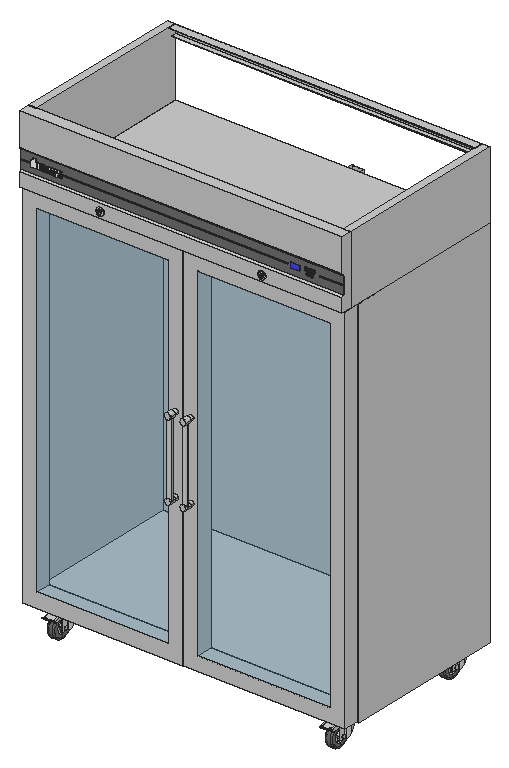
Revit family "QF_INOMAK_CEP2144_GL_250530033930", category Specialty Equipment, Revit 2021
Family settings
  Round Connector Dimension = Use Diameter
  Part Type = Normal
  OmniClass Number = 23.40.40.14
  OmniClass Title = Food Service Equipment
  Work Plane-Based = No
  Always vertical = Yes
  Cut with Voids When Loaded = No
  Shared = No
  Room Calculation Point = No
Parameters (values of type "CEP2144-GL")
  Weight [instance] = 237.00 kg
  Warranty Start Date [instance] = ""
  Warranty Duration [instance] = ""
  Volts [instance] = 230 V
  Volt Free Conn [instance] = no
  URL Recommended Spares List [instance] = ""
  URL Manufacturer [instance] = ""
  URL Cutsheet [instance] = ""
  URL Critical Spares List [instance] = ""
  URL = "www.inomak.com"
  Technical Documentation [instance] = ""
  Tag Number [instance] = ""
  Status [instance] = ""
  Start Up Current [instance] = 0 A
  Specification by User [instance] = ""
  Specification by Manufacturer [instance] = ""
  Sound Level [instance] = ""
  Show Logo [instance] = yes
  Show Clearances [instance] = yes
  Service Life Duration [instance] = ""
  Serial Number [instance] = ""
  Seismic Rating [instance] = ""
  SMACNA No [instance] = ""
  Revision Code [instance] = ""
  Revision [instance] = ""
  Production Year [instance] = ""
  Potential Equalisation [instance] = no
  Point Load [instance] = 0
  Phase [instance] = 1
  Other Equipment Approvals [instance] = ""
  Operational Current [instance] = 0 A
  Number of Poles [instance] = 2
  No Load Power Draw [instance] = no
  NAFEM Spec ID Number [instance] = ""
  Model Warning [instance] = ""
  Model = "CEP2144/GL"
  Min Ckt Ampacity [instance] = 0 A
  Max Overcurrent Protection [instance] = 10 A
  Masterspec [instance] = ""
  Manufacturer = "INOMAK"
  Main switch integrated [instance] = no
  Length Actual [instance] = 1440 mm
  Item Number [instance] = ""
  Installed By [instance] = ""
  Installation Date [instance] = ""
  Identify Quantity as Lot [instance] = no
  ID [instance] = ""
  Hygiene Approval [instance] = ""
  Height Actual [instance] = 2100 mm
  HP power [instance] = ""
  Furnished By [instance] = ""
  Foodservice Equipment Identifier [instance] = no
  FL Amps [instance] = 5.6 A
  Electrical Remarks [instance] = ""
  Electric power [instance] = 790 W
  Electric Connection Type [instance] = ""
  Elec Conn RI Height [instance] = 0 mm
  Elec Conn Connection Height [instance] = 0 mm
  ETL Approved [instance] = no
  Description = "PRUNUS CHILLER CABINET WITH 2 GN 2/1 GLASS DOORS"
  Depth Actual [instance] = 860 mm
  Default Elevation = 0 mm
  Cycle [instance] = 50 Hz
  Cost = 0
  Connection to energy optimisation system [instance] = yes
  Conn Plug [instance] = ""
  Conn Conduit [instance] = no
  Centralized building control system with digital interface [instance] = ""
  CSI MasterFormat [instance] = ""
  CE Approved [instance] = no
  Barcode [instance] = 0
  Author [instance] = ""
  Asset Identifier [instance] = ""
  Apparent Power [instance] = 790 VA
  Accessory [instance] = no
Reference planes
  plane 1 "Center (Front/Back)": y = 0
  plane 2: z = 0
  plane 3 "Center (Left/Right)": x = 0
Forms (mm)
  Extrusion 1, solid, not visible
    sketch origin (1210.059, -2, 1930.094) x (1, 0, 0) y (0, 1, 0)
      loop
        line (-2, 2) -> (-2, -2) -> (2, -2) -> (2, 2) -> (-2, 2)
    from -2 to 2
Dimensions and locks
  locked: Extrusion 1 to nested 2
  locked: nested 2 to Extrusion 1 at 2
  aligned and locked: level to plane 2
Nested families
  nested 1: "QF_INOMAK_REF_CABINETS_2144_GL_2920" at (0, 0, 130), type "CEP2144-GL"
    with Weight 237.00 kg, Warranty Start Date "", Warranty Duration "", URL Cutsheet "", Technical Documentation "", Tag Number "", Status "", Specification by User "", Specification by Manufacturer "", Sound Level "", Solid Fuel Type "", Show Clearances yes, Show Clearance yes, Service Life Duration "", Serial Number "", Seismic Rating "", SMACNA No "", Revision Code "", Revision "", Production Year "", Point Load 0, Other Equipment Approvals "", NAFEM Spec ID Number "", Model Warning "", Masterspec "", Length Actual 1440 mm, Item Number "", Installed By "", Installation Date "", Identify Quantity as Lot yes, ID "", Hygiene Approval "", Height Actual 2100 mm, Furnished By "", Foodservice Equipment Identifier yes, Finish none, ETL Approved yes, Depth Actual 860 mm, CSI MasterFormat "", CE Approved yes, Barcode "", Author "", Asset Identifier "", Accessory no
  nested 2: "CONN_POINT_ELE_2D___Generic_Annotation" at (1210.059, 0, 1930.094), type "CONN_POINT_ELE_2D___Generic_Annotation"
    with Onboard connection annotation symbol visibility yes
  nested 3: "QF_INOMAK_CASTORS_4775" at (0, 0, 0), type "CT-1440-830"
    with Weight 0.00 kg, Warranty Start Date "", Warranty Duration "", URL Cutsheet "", Technical Documentation "", Tag Number "", Status "", Specification by User "", Specification by Manufacturer "", Sound Level "", Solid Fuel Type "", Show Logo yes, Show Clearances yes, Service Life Duration "", Serial Number "", Seismic Rating "", SMACNA No "", Revision Code "", Revision "", Production Year "", Point Load 0, Other Equipment Approvals "", NAFEM Spec ID Number "", Model Warning "", Masterspec "", Length Actual 1440 mm, Item Number "", Installed By "", Installation Date "", Identify Quantity as Lot yes, ID "", Hygiene Approval "", Height Actual 130 mm, Furnished By "", Foodservice Equipment Identifier yes, ETL Approved yes, Depth Actual 830 mm, CSI MasterFormat "", CE Approved yes, Barcode "", Author "", Asset Identifier "", Accessory yes
Connectors
  electrical at (1210.059, 0, 1930.094), driven by "Apparent Power", driven by "Number of Poles", driven by "Volts"
    settings: on Extrusion 1, index 1, voltage 230 V, apparent load 0 VA, apparent load phase1 790 VA, apparent load phase2 0 VA, apparent load phase3 0 VA, power factor 1, load classification "Other", number of poles 2, system type 31, power factor state 1, is connector primary yes, connector utility no, sub classification motor no, connector description "Electrical connection for CEP2144/GL"
Definition of nested family "QF_INOMAK_REF_CABINETS_2144_GL_2920"
  Parameters (values of type "CFP2144-SL-GL")
    Weight [instance] = 0.00 kg
    Warranty Start Date [instance] = ""
    Warranty Duration [instance] = ""
    URL Cutsheet [instance] = ""
    URL = "www.inomak.com"
    Technical Documentation [instance] = ""
    Tag Number [instance] = ""
    Status [instance] = ""
    Specification by User [instance] = ""
    Specification by Manufacturer [instance] = ""
    Sound Level [instance] = ""
    Solid Fuel Type [instance] = ""
    Show Logo = yes
    Show Clearances [instance] = yes
    Show Clearance [instance] = yes
    Service Life Duration [instance] = ""
    Serial Number [instance] = ""
    Seismic Rating [instance] = ""
    SMACNA No [instance] = ""
    Revision Code [instance] = ""
    Revision [instance] = ""
    Production Year [instance] = ""
    Point Load [instance] = 0
    Other Equipment Approvals [instance] = ""
    NAFEM Spec ID Number [instance] = ""
    Model Warning [instance] = ""
    Model = "CFP2144/SL/GL"
    Masterspec [instance] = ""
    Manufacturer = "INOMAK"
    Length Actual [instance] = 0 mm
    Length = 720 mm
    Item Number [instance] = ""
    Installed By [instance] = ""
    Installation Date [instance] = ""
    Identify Quantity as Lot [instance] = yes
    ID [instance] = ""
    Hygiene Approval [instance] = ""
    Height Actual [instance] = 0 mm
    Height = 1985 mm
    Furnished By [instance] = ""
    Foodservice Equipment Identifier [instance] = yes
    Finish [instance] = none
    ETL Approved [instance] = yes
    Description = "PRUNUS FREEZER CABINET WITH 2 GLASS DOORS, COMPACT DIMENSIONS"
    Depth Actual [instance] = 0 mm
    Depth = 724 mm
    Default Elevation = 0 mm
    CSI MasterFormat [instance] = ""
    CE Approved [instance] = yes
    Barcode [instance] = ""
    Author [instance] = ""
    Asset Identifier [instance] = ""
    Assembly Code = "E1090320"
    Accessory [instance] = yes
  Types (4, lengths in mm): name | Model | Description | Depth
    CEP2144-GL | "CEP2144/GL" | "PRUNUS CHILLER CABINET WITH 2 GN 2/1 GLASS DOORS" | 824
    CFP2144-GL | "CFP2144/GL" | "PRUNUS FREEZER CABINET WITH 2 GN 2/1 GLASS DOORS" | 824
    CEP2144-SL-GL | "CEP2144/SL/GL" | "PRUNUS CHILLER CABINET WITH 2 GLASS DOORS, COMPACT DIMENSIONS" | 724
    CFP2144-SL-GL | "CFP2144/SL/GL" | "PRUNUS FREEZER CABINET WITH 2 GLASS DOORS, COMPACT DIMENSIONS" | 724
  Reference planes
    plane 1 "Back": y = 0
    plane 2: z = 0
    plane 3 "Left": x = 0
    plane 4 "Right": x = 1440
    plane 5 "Front": y = -724
    plane 6 "Top": z = 1985
  Forms (mm)
    Extrusion 1, solid
      sketch origin (-1732.685, -724, 3995) x (-1, 0, 0) y (0, 0, 1)
        loop
          circle (-3004.815, -2199.02) r 6.965
        loop
          circle (-3021.846, -2199.02) r 6.965
        loop
          circle (-3038.855, -2199.02) r 6.965
        loop
          circle (-3013.341, -2217.021) r 6.965
        loop
          circle (-3030.35, -2217.021) r 6.965
        loop
          circle (-3004.815, -2199.02) r 3.965
        loop
          circle (-3021.846, -2199.02) r 3.965
        loop
          circle (-3038.855, -2199.02) r 3.965
        loop
          circle (-3013.341, -2217.021) r 3.965
        loop
          circle (-3030.35, -2217.021) r 3.965
      from 7.3 to 10.302
    Extrusion 2, solid
      sketch origin (-1732.685, -724, 3995) x (-1, 0, 0) y (0, 0, 1)
        loop
          line (-2977.026, -2195.289) -> (-2977.026, -2218.289) -> (-2937.026, -2218.289) -> (-2937.026, -2195.289) -> (-2977.026, -2195.289)
      from 7.3 to 10.302
    Extrusion 3, solid
      sketch origin (-1732.685, -724, 3995) x (-1, 0, 0) y (0, 0, 1)
        loop
          line (-1732.685, -2167.27) -> (-3172.685, -2167.27) -> (-3172.685, -2246.309) -> (-1732.685, -2246.309) -> (-1732.685, -2167.27)
      from 7.8 to 10.302
    Extrusion 4, solid, visible <- "Show Logo"
      sketch origin (-1732.685, -724, 3995) x (-1, 0, 0) y (0, 0, 1)
        loop
          line (-1776.745, -2194.74) -> (-1782.745, -2194.74) -> (-1782.745, -2183.633) -> (-1796.982, -2183.633) -> (-1796.982, -2194.74) -> (-1802.982, -2194.74) -> (-1802.982, -2220.99) -> (-1776.745, -2220.99) -> (-1776.745, -2194.74)
        loop
          line (-1807.298, -2195.052) -> (-1814.587, -2195.052) -> (-1814.587, -2220.99) -> (-1807.298, -2220.99) -> (-1807.298, -2195.052)
        loop
          line (-1817.107, -2220.99) -> (-1817.107, -2195.052) -> (-1823.94, -2195.052) -> (-1827.134, -2206.971) -> (-1827.134, -2195.052) -> (-1833.666, -2195.052) -> (-1833.666, -2220.99) -> (-1827.134, -2220.99) -> (-1823.42, -2207.127) -> (-1823.42, -2220.99) -> (-1817.107, -2220.99)
        loop
          line (-1854.348, -2220.99) -> (-1854.348, -2195.052) -> (-1863.311, -2195.052) -> (-1865.673, -2209.062) -> (-1868.035, -2195.052) -> (-1876.997, -2195.052) -> (-1876.997, -2220.99) -> (-1870.372, -2220.99) -> (-1870.372, -2207.127) -> (-1868.035, -2220.99) -> (-1863.311, -2220.99) -> (-1860.973, -2207.127) -> (-1860.973, -2220.99) -> (-1854.348, -2220.99)
        loop
          line (-1839.536, -2195.052) -> (-1848.861, -2195.052)
          arc (-1848.861, -2195.052) -> (-1851.458, -2196.128) -> (-1852.533, -2198.724) r 3.672
          line (-1852.533, -2198.724) -> (-1852.533, -2217.318)
          arc (-1852.533, -2217.318) -> (-1851.458, -2219.914) -> (-1848.861, -2220.99) r 3.672
          line (-1848.861, -2220.99) -> (-1839.536, -2220.99)
          arc (-1839.536, -2220.99) -> (-1836.939, -2219.914) -> (-1835.864, -2217.318) r 3.672
          line (-1835.864, -2217.318) -> (-1835.864, -2198.724)
          arc (-1835.864, -2198.724) -> (-1836.939, -2196.128) -> (-1839.536, -2195.052) r 3.672
        loop
          arc (-1843.172, -2198.208) -> (-1844.198, -2197.181) -> (-1845.225, -2198.208) r 1.027
          line (-1845.225, -2198.208) -> (-1845.225, -2216.801)
          arc (-1845.225, -2216.801) -> (-1844.198, -2217.828) -> (-1843.172, -2216.801) r 1.027
          line (-1843.172, -2216.801) -> (-1843.172, -2198.208)
        loop
          line (-1878.066, -2220.99) -> (-1882.439, -2195.052) -> (-1891.3, -2195.052) -> (-1895.673, -2220.99) -> (-1889.146, -2220.99) -> (-1888.536, -2216.027) -> (-1885.203, -2216.027) -> (-1884.593, -2220.99) -> (-1878.066, -2220.99)
        loop
          line (-1885.759, -2211.498) -> (-1886.87, -2202.452) -> (-1887.98, -2211.498) -> (-1885.759, -2211.498)
        loop
          line (-1896.638, -2220.99) -> (-1896.638, -2195.052) -> (-1903.263, -2195.052) -> (-1903.263, -2204.165) -> (-1906.049, -2195.052) -> (-1913.487, -2195.052) -> (-1909.159, -2206.329) -> (-1914.207, -2220.99) -> (-1906.623, -2220.99) -> (-1903.263, -2208.45) -> (-1903.263, -2220.99) -> (-1896.638, -2220.99)
      from 7.3 to 10.3
    Extrusion 5, solid
      sketch origin (-1732.685, -724, 3995) x (-1, 0, 0) y (0, 0, 1)
        loop
          line (-1732.685, -2204.789) -> (-1769.679, -2204.789) -> (-1769.679, -2208.789) -> (-1732.685, -2208.789) -> (-1732.685, -2204.789)
        loop
          line (-1918.161, -2204.789) -> (-2922.526, -2204.789) -> (-2922.526, -2208.789) -> (-1918.161, -2208.789) -> (-1918.161, -2204.789)
        loop
          line (-3172.685, -2204.789) -> (-3172.685, -2208.789) -> (-3064.916, -2208.789) -> (-3064.916, -2204.789) -> (-3172.685, -2204.789)
      from 7.3 to 10.302
    Extrusion 6, solid, material <- "Finish"
      sketch origin (0, 24.612, -1987) x (0, 1, 0) y (0, 0, 1)
        loop
          line (-748.612, 3972) -> (-748.612, 3823.032) -> (-740.31, 3814.73) -> (-740.31, 3735.691) -> (-748.612, 3727.389) -> (-748.612, 3667) -> (-698.612, 3667) -> (-698.612, 3972) -> (-748.612, 3972)
      from 0 to 1440
    Extrusion 7, solid, material <- "Finish"
      sketch origin (0, 1874.371, 1985) x (0, 1, 0) y (-1, 0, 0)
        loop
          line (-2548.371, 0) -> (-2548.371, -35) -> (-1874.371, -35) -> (-1874.371, 0) -> (-2548.371, 0)
      from 0 to -305
    Extrusion 8, solid, material <- "Finish"
      sketch origin (0, 1874.371, 1985) x (0, 1, 0) y (-1, 0, 0)
        loop
          line (-2548.371, -1440) -> (-1874.371, -1440) -> (-1874.371, -1405) -> (-2548.371, -1405) -> (-2548.371, -1440)
      from 0 to -305
    Extrusion 9, solid, material <- "Finish"
      sketch origin (360, 24.612, -1987) x (0, 1, 0) y (0, 0, 1)
        loop
          line (-698.612, 3863.915) -> (-698.612, 3667) -> (-578.934, 3667) -> (-578.934, 3744.237) -> (-698.612, 3863.915)
      from -325 to 1045
    Extrusion 10, solid, material <- "Finish"
      sketch origin (40, 24.612, -123) x (0, 1, 0) y (0, 0, 1)
        loop
          line (-575.378, 1913.946) -> (-590.935, 1929.502) -> (-609.143, 1911.294) -> (-607.729, 1909.88) -> (-590.935, 1926.674) -> (-576.793, 1912.532) -> (-575.378, 1913.946)
      from 114.953 to 225
    Extrusion 11, solid, material <- "Finish"
      sketch origin (0, 30.903, -1982) x (0, 1, 0) y (0, 0, 1)
        loop
          line (-30.903, 3967) -> (-70.903, 3967) -> (-70.903, 3965) -> (-32.903, 3965) -> (-32.903, 3929) -> (-55.903, 3929) -> (-55.903, 3927) -> (-30.903, 3927) -> (-30.903, 3967)
      from 35 to 1405
    Extrusion 12, solid, material <- "Finish"
      sketch origin (0, 30.903, -118) x (0, 1, 0) y (0, 0, 1)
        loop
          line (-30.903, 1798) -> (-664.903, 1798) -> (-664.903, 1733) -> (-100.876, 1733) -> (-100.876, 188) -> (-664.903, 188) -> (-664.903, 118) -> (-30.903, 118) -> (-30.903, 1798)
      from 35 to 1405
    Extrusion 13, solid, material <- "Finish"
      sketch origin (0, 30.903, -415.687) x (1, 0, 0) y (0, 1, 0)
        loop
          line (0, -664.903) -> (35, -664.903) -> (35, -30.903) -> (0, -30.903) -> (0, -664.903)
      from 415.687 to 2095.687
    Extrusion 14, solid, material <- "Finish"
      sketch origin (720, 30.903, -415.687) x (-1, 0, 0) y (0, -1, 0)
        loop
          line (-720, 664.903) -> (-720, 30.903) -> (-685, 30.903) -> (-685, 664.903) -> (-720, 664.903)
      from 415.687 to 2095.687
    Revolve 15, solid
      sketch origin (358.942, 24.612, -1987) x (0, 1, 0) y (0, 0, 1)
        loop
          line (-751.012, 3694.152) -> (-748.612, 3694.152) -> (-748.612, 3711.145) -> (-749.612, 3711.145) -> (-753.012, 3706.633) -> (-753.012, 3702.998) -> (-751.012, 3702.998) -> (-751.012, 3694.152)
        axis (-748.612, 3694.152) -> (-753.012, 3694.152)
      angle from 0 to 360
    Extrusion 16, solid
      sketch origin (-2452.685, -724, 3995) x (-1, 0, 0) y (0, 0, 1)
        loop
          line (-2810.827, -2284.348) -> (-2812.827, -2284.348) -> (-2812.827, -2291.348) -> (-2810.827, -2291.348) -> (-2810.827, -2284.348)
        loop
          circle (-2811.627, -2287.848) r 7.846
      from -4.4 to -2.4
    Revolve 17, solid
      sketch origin (1081.058, 24.612, -1987) x (0, 1, 0) y (0, 0, -1)
        loop
          line (-751.012, -3694.152) -> (-751.012, -3702.998) -> (-753.012, -3702.998) -> (-753.012, -3706.633) -> (-749.612, -3711.145) -> (-748.612, -3711.145) -> (-748.612, -3694.152) -> (-751.012, -3694.152)
        axis (-748.612, -3694.152) -> (-753.012, -3694.152)
      angle from 0 to 360
    Extrusion 18, solid
      sketch origin (3892.685, -724, 3995) x (1, 0, 0) y (0, 0, -1)
        loop
          line (-2810.827, 2284.348) -> (-2810.827, 2291.348) -> (-2812.827, 2291.348) -> (-2812.827, 2284.348) -> (-2810.827, 2284.348)
        loop
          circle (-2811.627, 2287.848) r 7.846
      from -4.4 to -2.4
    Extrusion 19, solid, material <- "Finish"
      sketch origin (1400, 24.612, -123) x (0, 1, 0) y (0, 0, -1)
        loop
          line (-575.378, -1913.946) -> (-576.793, -1912.532) -> (-590.935, -1926.674) -> (-607.729, -1909.88) -> (-609.143, -1911.294) -> (-590.935, -1929.502) -> (-575.378, -1913.946)
      from 114.953 to 225
    Extrusion 20, solid, visible <- "Show Clearance", detail levels coarse
      sketch origin (872.304, -180, -18) x (-1, 0, 0) y (0, -1, 0)
        loop
          line (872.304, 1194) -> (804.804, 1194)
          arc (804.804, 1194) -> (343.136, 995.768) -> (154.74, 530) r 660.076
          line (154.74, 530) -> (872.304, 530) -> (872.304, 1194)
      from 28 to 1695
    Extrusion 21, solid, visible <- "Show Clearance", detail levels coarse
      sketch origin (567.696, -180, -18) x (1, 0, 0) y (0, 1, 0)
        loop
          line (872.304, -1194) -> (872.304, -530) -> (154.74, -530)
          arc (154.74, -530) -> (343.136, -995.768) -> (804.804, -1194) r 660.076
          line (804.804, -1194) -> (872.304, -1194)
      from 28 to 1695
    Extrusion 22, solid, material <- "Finish"
      sketch origin (-1732.685, -724, 4000) x (-1, 0, 0) y (0, 0, 1)
        loop
          line (-2450.185, -2323) -> (-2450.185, -3990) -> (-1732.685, -3990) -> (-1732.685, -2323) -> (-2450.185, -2323)
        loop
          line (-2387.435, -2387) -> (-2387.435, -3926) -> (-1795.435, -3926) -> (-1795.435, -2387) -> (-2387.435, -2387)
      from 14 to 84
    Extrusion 23, solid
      sketch origin (-1732.685, -724, 4000) x (-1, 0, 0) y (0, 0, 1)
        loop
          circle (-2418.185, -2984) r 13
      from -6 to -31
    Extrusion 24, solid
      sketch origin (-1732.685, -724, 4000) x (-1, 0, 0) y (0, 0, 1)
        loop
          circle (-2418.185, -2984) r 10
      from -6 to 14
    Extrusion 25, solid
      sketch origin (-1732.685, -724, 4000) x (-1, 0, 0) y (0, 0, 1)
        loop
          circle (-2418.185, -3326) r 13
      from -6 to -31
    Extrusion 26, solid
      sketch origin (-1732.685, -724, 4000) x (-1, 0, 0) y (0, 0, 1)
        loop
          circle (-2418.185, -3326) r 10
      from -6 to 14
    Extrusion 27, solid
      sketch origin (717.5, -836, 0) x (-1, 0, 0) y (0, -1, 0)
        loop
          circle (32, -93.5) r 10
      from 673.205 to 1013.123
    Extrusion 28, solid
      sketch origin (-1732.685, -724, 4000) x (-1, 0, 0) y (0, 0, 1)
        loop
          line (-2387.435, -2387) -> (-2387.435, -3926) -> (-1795.435, -3926) -> (-1795.435, -2387) -> (-2387.435, -2387)
      from 14 to 84
    Extrusion 29, solid, material <- "Finish"
      sketch origin (-1732.685, -724, 4000) x (-1, 0, 0) y (0, 0, 1)
        loop
          line (-2455.185, -2323) -> (-3172.685, -2323) -> (-3172.685, -3990) -> (-2455.185, -3990) -> (-2455.185, -2323)
        loop
          line (-2517.935, -2387) -> (-3109.935, -2387) -> (-3109.935, -3926) -> (-2517.935, -3926) -> (-2517.935, -2387)
      from 14 to 84
    Extrusion 30, solid
      sketch origin (-1732.685, -724, 4000) x (-1, 0, 0) y (0, 0, 1)
        loop
          circle (-2487.185, -2984) r 13
      from -6 to -31
    Extrusion 31, solid
      sketch origin (-1732.685, -724, 4000) x (-1, 0, 0) y (0, 0, 1)
        loop
          circle (-2487.185, -2984) r 10
      from -6 to 14
    Extrusion 32, solid
      sketch origin (-1732.685, -724, 4000) x (-1, 0, 0) y (0, 0, 1)
        loop
          circle (-2487.185, -3326) r 13
      from -6 to -31
    Extrusion 33, solid
      sketch origin (-1732.685, -724, 4000) x (-1, 0, 0) y (0, 0, 1)
        loop
          circle (-2487.185, -3326) r 10
      from -6 to 14
    Extrusion 34, solid
      sketch origin (722.5, -836, 0) x (1, 0, 0) y (0, 1, 0)
        loop
          circle (32, 93.5) r 10
      from 673.205 to 1013.123
    Extrusion 35, solid
      sketch origin (-1732.685, -724, 4000) x (-1, 0, 0) y (0, 0, 1)
        loop
          line (-2517.935, -2387) -> (-3109.935, -2387) -> (-3109.935, -3926) -> (-2517.935, -3926) -> (-2517.935, -2387)
      from 14 to 84
    Extrusion 36, solid, material <- "Finish"
      sketch origin (360, 30.903, -118) x (1, 0, 0) y (0, 1, 0)
        loop
          line (187, 5.097) -> (187, -29.903) -> (175, -29.903) -> (175, -30.903) -> (545, -30.903) -> (545, -29.903) -> (533, -29.903) -> (533, 5.097) -> (187, 5.097)
      from 1156 to 1531
    Extrusion 37, solid, material <- "Finish"
      sketch origin (460, 30.903, -118) x (1, 0, 0) y (0, 1, 0)
        loop
          line (339, 0.097) -> (339, -29.903) -> (325, -29.903) -> (325, -30.903) -> (340, -30.903) -> (340, -0.903) -> (393, -0.903) -> (393, -30.903) -> (408, -30.903) -> (408, -29.903) -> (394, -29.903) -> (394, 0.097) -> (339, 0.097)
      from 1531 to 1793
  Lines and regions (mm)
    symbolic lines
      curve 1: line (0, 0, 0) -> (1440, 0, 0)
      curve 2: line (0, -724, 0) -> (0, 0, 0)
      curve 3: line (1440, -724, 0) -> (0, -724, 0)
      curve 4: line (1440, 0, 0) -> (1440, -724, 0)
      curve 5: line (35, 0, 0) -> (35, -674, 0)
      curve 6: line (35, -674, 0) -> (1405, -674, 0)
      curve 7: line (1405, -674, 0) -> (1405, 0, 0)
      curve 8: line (35, -40, 0) -> (1405, -40, 0)
      curve 9: line (35, -554.322, 0) -> (1405, -554.322, 0)
      curve 16: line (547, 1, 0) -> (547, 36, 0)
      curve 17: line (547, 36, 0) -> (893, 36, 0)
      curve 18: line (893, 36, 0) -> (893, 1, 0)
      curve 19: line (547, 1, 0) -> (535, 1, 0)
      curve 20: line (535, 1, 0) -> (535, 0, 0)
      curve 21: line (893, 1, 0) -> (905, 1, 0)
      curve 22: line (905, 1, 0) -> (905, 0, 0)
      curve 23: line (785, 0, 0) -> (785, 1, 0)
      curve 24: line (785, 1, 0) -> (799, 1, 0)
      curve 25: line (799, 1, 0) -> (799, 31, 0)
      curve 26: line (799, 31, 0) -> (854, 31, 0)
      curve 27: line (854, 31, 0) -> (854, 1, 0)
      curve 28: line (854, 1, 0) -> (868, 1, 0)
      curve 29: line (868, 1, 0) -> (868, 0, 0)
    symbolic lines, visible <- "Show Clearance"
      curve 10: line (67.5, -1374, 0) -> (0, -1374, 0)
      curve 11: line (0, -1374, 0) -> (0, -724, 0)
      curve 12: arc (717.5, -724, 0) -> (524.244, -1180.744, 0) -> (67.5, -1374, 0) r 660.076
      curve 13: line (1372.5, -1374, 0) -> (1440, -1374, 0)
      curve 14: line (1440, -1374, 0) -> (1440, -724, 0)
      curve 15: arc (722.5, -724, 0) -> (915.756, -1180.744, 0) -> (1372.5, -1374, 0) r 660.076
  Dimensions and locks
    plane 3 "Left" to plane 4 "Right" = 1440 mm
    "Depth": plane 5 "Front" to plane 1 "Back"
    "Height": plane 6 "Top" to level
    plane 6 "Top" to level = 1985 mm
    aligned and locked: level to plane 2
  Automatic sketch dimensions
    curve 11 to plane 3 "Left" = 0 mm
    plane 1 "Back" to curve 5 = 0 mm
    curve 12 to plane 5 "Front" = 0 mm
    curve 13 to plane 4 "Right" = 0 mm
    plane 3 "Left" to curve 6 = 35 mm
    plane 5 "Front" to curve 12 = 10 mm
    curve 5 to curve 12 = 22.5 mm
    curve 10 to curve 10 = 67.5 mm
    plane 4 "Right" to curve 13 = 67.5 mm
    plane 5 "Front" to curve 15 = 10 mm
    plane 4 "Right" to curve 15 = 57.5 mm
    plane 4 "Right" to curve 6 = 35 mm
    curve 11 to plane 5 "Front" = 650 mm
    curve 14 to plane 5 "Front" = 650 mm
    curve 15 to curve 6 = 40 mm
    plane 1 "Back" to curve 8 = 40 mm
    Extrusion 1 sketch curve to Extrusion 1 sketch curve = 0 mm  (x13)
    plane 4 "Right" to Extrusion 1 sketch curve = 133.83 mm
    Extrusion 1 sketch curve to Extrusion 1 sketch curve = 8.505 mm
    Extrusion 1 sketch curve to Extrusion 1 sketch curve = 17.009 mm  (x2)
    Extrusion 1 sketch curve to Extrusion 1 sketch curve = 17.03 mm
    Extrusion 1 sketch curve to plane 6 "Top" = 207.021 mm
    Extrusion 1 sketch curve to Extrusion 1 sketch curve = 18.001 mm
    plane 4 "Right" to Extrusion 2 sketch curve = 195.659 mm
    Extrusion 2 sketch curve to Extrusion 2 sketch curve = 40 mm
    Extrusion 2 sketch curve to plane 6 "Top" = 208.289 mm
    Extrusion 2 sketch curve to Extrusion 2 sketch curve = 23 mm
    plane 4 "Right" to Extrusion 3 sketch curve = 0 mm
    Extrusion 3 sketch curve to plane 3 "Left" = 0 mm
    Extrusion 3 sketch curve to plane 6 "Top" = 236.309 mm
    Extrusion 3 sketch curve to Extrusion 3 sketch curve = 79.039 mm
    plane 3 "Left" to Extrusion 4 sketch curve = 181.522 mm
    Extrusion 4 sketch curve to Extrusion 4 sketch curve = 0.72 mm
    Extrusion 4 sketch curve to Extrusion 4 sketch curve = 4.329 mm
    Extrusion 4 sketch curve to Extrusion 4 sketch curve = 7.584 mm
    Extrusion 4 sketch curve to Extrusion 4 sketch curve = 7.438 mm
    Extrusion 4 sketch curve to Extrusion 4 sketch curve = 5.895 mm
    Extrusion 4 sketch curve to Extrusion 4 sketch curve = 0 mm  (x16)
    Extrusion 4 sketch curve to Extrusion 4 sketch curve = 6.625 mm  (x2)
    Extrusion 4 sketch curve to Extrusion 4 sketch curve = 0.965 mm
    Extrusion 4 sketch curve to Extrusion 4 sketch curve = 5.338 mm
    Extrusion 4 sketch curve to Extrusion 4 sketch curve = 6.527 mm  (x2)
    Extrusion 4 sketch curve to Extrusion 4 sketch curve = 0.609 mm
    Extrusion 4 sketch curve to Extrusion 4 sketch curve = 0.556 mm
    Extrusion 4 sketch curve to Extrusion 4 sketch curve = 4.43 mm  (x2)
    Extrusion 4 sketch curve to Extrusion 4 sketch curve = 2.222 mm
    Extrusion 4 sketch curve to Extrusion 4 sketch curve = 3.334 mm
    Extrusion 4 sketch curve to Extrusion 4 sketch curve = 4.552 mm
    Extrusion 4 sketch curve to Extrusion 4 sketch curve = 1.069 mm
    Extrusion 4 sketch curve to Extrusion 4 sketch curve = 8.962 mm  (x2)
    Extrusion 4 sketch curve to Extrusion 4 sketch curve = 2.337 mm
    Extrusion 4 sketch curve to Extrusion 4 sketch curve = 4.699 mm  (x2)
    Extrusion 4 sketch curve to Extrusion 4 sketch curve = 4.724 mm  (x2)
    Extrusion 4 sketch curve to Extrusion 4 sketch curve = 1.815 mm
    Extrusion 4 sketch curve to Extrusion 4 sketch curve = 3.672 mm  (x6)
    Extrusion 4 sketch curve to Extrusion 4 sketch curve = 3.636 mm  (x3)
    Extrusion 4 sketch curve to Extrusion 4 sketch curve = 1.027 mm
    Extrusion 4 sketch curve to Extrusion 4 sketch curve = 2.197 mm
    Extrusion 4 sketch curve to Extrusion 4 sketch curve = 6.532 mm  (x2)
    Extrusion 4 sketch curve to Extrusion 4 sketch curve = 3.194 mm
    Extrusion 4 sketch curve to Extrusion 4 sketch curve = 3.714 mm
    Extrusion 4 sketch curve to Extrusion 4 sketch curve = 6.312 mm
    Extrusion 4 sketch curve to Extrusion 4 sketch curve = 2.52 mm
    Extrusion 4 sketch curve to Extrusion 4 sketch curve = 7.29 mm
    Extrusion 4 sketch curve to Extrusion 4 sketch curve = 4.315 mm
    Extrusion 4 sketch curve to Extrusion 4 sketch curve = 6 mm
    Extrusion 4 sketch curve to Extrusion 4 sketch curve = 14.237 mm
    Extrusion 4 sketch curve to Extrusion 4 sketch curve = 26.237 mm
    Extrusion 4 sketch curve to plane 6 "Top" = 210.99 mm
    Extrusion 4 sketch curve to Extrusion 4 sketch curve = 0.516 mm  (x2)
    Extrusion 4 sketch curve to Extrusion 4 sketch curve = 4.963 mm
    Extrusion 4 sketch curve to Extrusion 4 sketch curve = 4.529 mm
    Extrusion 4 sketch curve to Extrusion 4 sketch curve = 11.927 mm
    Extrusion 4 sketch curve to Extrusion 4 sketch curve = 12.539 mm
    Extrusion 4 sketch curve to Extrusion 4 sketch curve = 1.935 mm  (x2)
    Extrusion 4 sketch curve to Extrusion 4 sketch curve = 13.862 mm
    Extrusion 4 sketch curve to Extrusion 4 sketch curve = 0.157 mm
    Extrusion 4 sketch curve to Extrusion 4 sketch curve = 2.122 mm
    Extrusion 4 sketch curve to Extrusion 4 sketch curve = 4.285 mm
    Extrusion 4 sketch curve to Extrusion 4 sketch curve = 9.047 mm
    Extrusion 4 sketch curve to Extrusion 4 sketch curve = 8.403 mm
    Extrusion 4 sketch curve to Extrusion 4 sketch curve = 12.075 mm
    Extrusion 4 sketch curve to Extrusion 4 sketch curve = 26.25 mm
    Extrusion 4 sketch curve to Extrusion 4 sketch curve = 0.312 mm
    Extrusion 4 sketch curve to Extrusion 4 sketch curve = 11.107 mm
    plane 4 "Right" to Extrusion 5 sketch curve = 0 mm
    Extrusion 5 sketch curve to plane 3 "Left" = 0 mm
    Extrusion 5 sketch curve to Extrusion 5 sketch curve = 107.768 mm
    Extrusion 5 sketch curve to Extrusion 5 sketch curve = 142.39 mm
    plane 3 "Left" to Extrusion 5 sketch curve = 185.476 mm
    plane 3 "Left" to Extrusion 5 sketch curve = 36.995 mm
    Extrusion 5 sketch curve to plane 6 "Top" = 198.789 mm
    Extrusion 5 sketch curve to Extrusion 5 sketch curve = 0 mm  (x2)
    Extrusion 5 sketch curve to Extrusion 5 sketch curve = 4 mm  (x3)
    Extrusion 6 sketch curve to plane 5 "Front" = 0 mm  (x2)
    Extrusion 6 sketch curve to plane 6 "Top" = 0 mm
    plane 5 "Front" to Extrusion 6 sketch curve = 8.302 mm
    Extrusion 6 sketch curve to Extrusion 6 sketch curve = 50 mm
    Extrusion 6 sketch curve to plane 6 "Top" = 148.968 mm
    Extrusion 6 sketch curve to Extrusion 6 sketch curve = 8.302 mm  (x2)
    Extrusion 6 sketch curve to Extrusion 6 sketch curve = 79.039 mm
    Extrusion 6 sketch curve to Extrusion 6 sketch curve = 60.389 mm
    plane 5 "Front" to Extrusion 9 sketch curve = 50 mm
    Extrusion 9 sketch curve to Extrusion 9 sketch curve = 119.678 mm
    Extrusion 9 sketch curve to plane 6 "Top" = 305 mm
    Extrusion 9 sketch curve to Extrusion 9 sketch curve = 77.237 mm
    Extrusion 9 sketch curve to plane 6 "Top" = 108.085 mm
    plane 5 "Front" to Extrusion 10 sketch curve = 139.47 mm
    Extrusion 10 sketch curve to Extrusion 10 sketch curve = 1.414 mm  (x2)
    Extrusion 10 sketch curve to Extrusion 10 sketch curve = 16.794 mm
    Extrusion 10 sketch curve to Extrusion 10 sketch curve = 0 mm
    Extrusion 10 sketch curve to Extrusion 10 sketch curve = 14.142 mm
    Extrusion 10 sketch curve to plane 6 "Top" = 198.12 mm
    Extrusion 11 sketch curve to plane 6 "Top" = 0 mm
    Extrusion 11 sketch curve to plane 1 "Back" = 0 mm
    plane 1 "Back" to Extrusion 11 sketch curve = 2 mm
    Extrusion 11 sketch curve to Extrusion 11 sketch curve = 23 mm
    Extrusion 11 sketch curve to Extrusion 11 sketch curve = 38 mm
    Extrusion 11 sketch curve to Extrusion 11 sketch curve = 2 mm  (x2)
    Extrusion 11 sketch curve to Extrusion 11 sketch curve = 36 mm
    Extrusion 12 sketch curve to level = 0 mm
    Extrusion 12 sketch curve to plane 1 "Back" = 0 mm
    plane 1 "Back" to Extrusion 12 sketch curve = 69.973 mm
    plane 5 "Front" to Extrusion 12 sketch curve = 90 mm  (x2)
    level to Extrusion 12 sketch curve = 70 mm
    Extrusion 12 sketch curve to plane 6 "Top" = 370 mm
    Extrusion 12 sketch curve to Extrusion 12 sketch curve = 65 mm
    plane 1 "Back" to Extrusion 13 sketch curve = 0 mm
    Extrusion 13 sketch curve to plane 3 "Left" = 0 mm
    plane 3 "Left" to Extrusion 13 sketch curve = 35 mm
    plane 5 "Front" to Extrusion 13 sketch curve = 90 mm
    plane 1 "Back" to Extrusion 14 sketch curve = 0 mm
    Extrusion 14 sketch curve to plane 4 "Right" = 0 mm
    Extrusion 14 sketch curve to Extrusion 14 sketch curve = 35 mm
    plane 5 "Front" to Extrusion 14 sketch curve = 90 mm
    Revolve 15 sketch curve to plane 5 "Front" = 0 mm
    Revolve 15 sketch curve to plane 5 "Front" = 1 mm
    Revolve 15 sketch curve to plane 5 "Front" = 2.4 mm
    Revolve 15 sketch curve to Revolve 15 sketch curve = 2 mm
    Revolve 15 sketch curve to plane 6 "Top" = 277.848 mm
    Revolve 15 sketch curve to Revolve 15 sketch curve = 8.846 mm
    Revolve 15 sketch curve to Revolve 15 sketch curve = 3.635 mm
    Revolve 15 sketch curve to Revolve 15 sketch curve = 4.512 mm
    Revolve 15 sketch curve to Revolve 15 sketch curve = 0 mm  (x2)
    Revolve 15 sketch curve to Revolve 15 sketch curve = 4.096 mm
    plane 3 "Left" to Extrusion 16 sketch curve = 360.142 mm
    Extrusion 16 sketch curve to Extrusion 16 sketch curve = 1.2 mm
    Extrusion 16 sketch curve to Extrusion 16 sketch curve = 2 mm
    Extrusion 16 sketch curve to plane 6 "Top" = 281.348 mm
    Extrusion 16 sketch curve to Extrusion 16 sketch curve = 3.5 mm  (x2)
    Revolve 17 sketch curve to plane 5 "Front" = 0 mm
    Revolve 17 sketch curve to plane 5 "Front" = 1 mm
    Revolve 17 sketch curve to plane 5 "Front" = 2.4 mm
    Revolve 17 sketch curve to Revolve 17 sketch curve = 2 mm
    Revolve 17 sketch curve to plane 6 "Top" = 260.855 mm
    Revolve 17 sketch curve to Revolve 17 sketch curve = 4.512 mm
    Revolve 17 sketch curve to Revolve 17 sketch curve = 3.635 mm
    Revolve 17 sketch curve to Revolve 17 sketch curve = 8.846 mm
    Revolve 17 sketch curve to Revolve 17 sketch curve = 0 mm  (x2)
    Revolve 17 sketch curve to Revolve 17 sketch curve = 4.096 mm
    plane 4 "Right" to Extrusion 18 sketch curve = 360.142 mm
    Extrusion 18 sketch curve to Extrusion 18 sketch curve = 1.2 mm
    Extrusion 18 sketch curve to Extrusion 18 sketch curve = 2 mm
    Extrusion 18 sketch curve to plane 6 "Top" = 274.348 mm
    Extrusion 18 sketch curve to Extrusion 18 sketch curve = 3.5 mm  (x2)
    plane 5 "Front" to Extrusion 19 sketch curve = 139.47 mm
    Extrusion 19 sketch curve to Extrusion 19 sketch curve = 1.414 mm
    Extrusion 19 sketch curve to Extrusion 19 sketch curve = 16.794 mm
    Extrusion 19 sketch curve to Extrusion 19 sketch curve = 0 mm
    Extrusion 19 sketch curve to Extrusion 19 sketch curve = 14.142 mm
    Extrusion 19 sketch curve to plane 6 "Top" = 178.498 mm
    Extrusion 19 sketch curve to Extrusion 19 sketch curve = 12.728 mm
    Extrusion 20 sketch curve to plane 3 "Left" = 0 mm
    plane 5 "Front" to Extrusion 20 sketch curve = 10 mm
    plane 3 "Left" to Extrusion 20 sketch curve = 57.5 mm
    plane 3 "Left" to Extrusion 20 sketch curve = 67.5 mm
    plane 5 "Front" to Extrusion 20 sketch curve = 14 mm
    Extrusion 20 sketch curve to Extrusion 20 sketch curve = 660.064 mm
    Extrusion 21 sketch curve to plane 4 "Right" = 0 mm
    plane 5 "Front" to Extrusion 21 sketch curve = 10 mm
    plane 4 "Right" to Extrusion 21 sketch curve = 57.5 mm
    plane 4 "Right" to Extrusion 21 sketch curve = 67.5 mm
    plane 5 "Front" to Extrusion 21 sketch curve = 14 mm
    Extrusion 21 sketch curve to Extrusion 21 sketch curve = 660.064 mm
    Extrusion 27 sketch curve to plane 5 "Front" = 18.5 mm
    plane 3 "Left" to Extrusion 27 sketch curve = 685.5 mm
    Extrusion 34 sketch curve to plane 5 "Front" = 18.5 mm
    plane 4 "Right" to Extrusion 34 sketch curve = 685.5 mm
    curve 6 to curve 9 = 119.678 mm
    Extrusion 22 sketch curve to plane 3 "Left" = 0 mm
    plane 3 "Left" to Extrusion 22 sketch curve = 62.75 mm
    level to Extrusion 22 sketch curve = 74 mm
    Extrusion 22 sketch curve to Extrusion 22 sketch curve = 592 mm
    Extrusion 22 sketch curve to Extrusion 22 sketch curve = 62.75 mm
    level to Extrusion 22 sketch curve = 10 mm
    Extrusion 22 sketch curve to plane 6 "Top" = 372 mm
    Extrusion 22 sketch curve to Extrusion 22 sketch curve = 64 mm
    level to Extrusion 28 sketch curve = 74 mm
    plane 3 "Left" to Extrusion 28 sketch curve = 654.75 mm
    plane 3 "Left" to Extrusion 28 sketch curve = 62.75 mm
    Extrusion 28 sketch curve to plane 6 "Top" = 372 mm
    plane 4 "Right" to Extrusion 29 sketch curve = 0 mm
    plane 4 "Right" to Extrusion 29 sketch curve = 62.75 mm
    Extrusion 29 sketch curve to Extrusion 29 sketch curve = 592 mm
    Extrusion 29 sketch curve to Extrusion 29 sketch curve = 62.75 mm
    level to Extrusion 29 sketch curve = 10 mm
    level to Extrusion 29 sketch curve = 74 mm
    Extrusion 29 sketch curve to plane 6 "Top" = 372 mm
    Extrusion 29 sketch curve to Extrusion 29 sketch curve = 64 mm
    plane 4 "Right" to Extrusion 35 sketch curve = 62.75 mm
    level to Extrusion 35 sketch curve = 74 mm
    Extrusion 35 sketch curve to Extrusion 35 sketch curve = 592 mm
    Extrusion 35 sketch curve to plane 6 "Top" = 372 mm
    plane 3 "Left" to Extrusion 23 sketch curve = 685.5 mm
    Extrusion 23 sketch curve to plane 6 "Top" = 969 mm
    plane 3 "Left" to Extrusion 25 sketch curve = 685.5 mm
    level to Extrusion 25 sketch curve = 674 mm
    plane 4 "Right" to Extrusion 30 sketch curve = 685.5 mm
    Extrusion 30 sketch curve to plane 6 "Top" = 969 mm
    plane 4 "Right" to Extrusion 32 sketch curve = 685.5 mm
    level to Extrusion 32 sketch curve = 674 mm
    plane 3 "Left" to Extrusion 24 sketch curve = 685.5 mm
    Extrusion 24 sketch curve to plane 6 "Top" = 969 mm
    plane 3 "Left" to Extrusion 26 sketch curve = 685.5 mm
    level to Extrusion 26 sketch curve = 674 mm
    plane 4 "Right" to Extrusion 31 sketch curve = 685.5 mm
    Extrusion 31 sketch curve to plane 6 "Top" = 969 mm
    plane 4 "Right" to Extrusion 33 sketch curve = 685.5 mm
    level to Extrusion 33 sketch curve = 674 mm
    Extrusion 7 sketch curve to plane 3 "Left" = 0 mm
    plane 1 "Back" to Extrusion 7 sketch curve = 0 mm
    plane 5 "Front" to Extrusion 7 sketch curve = 50 mm
    plane 3 "Left" to Extrusion 7 sketch curve = 35 mm
    Extrusion 8 sketch curve to plane 4 "Right" = 0 mm
    plane 1 "Back" to Extrusion 8 sketch curve = 0 mm
    plane 5 "Front" to Extrusion 8 sketch curve = 50 mm
    plane 4 "Right" to Extrusion 8 sketch curve = 35 mm
    curve 19 to plane 1 "Back" = 1 mm
    curve 5 to curve 19 = 500 mm
    curve 19 to curve 16 = 12 mm
    curve 16 to curve 23 = 238 mm
    curve 24 to plane 1 "Back" = 1 mm
    curve 23 to curve 24 = 14 mm
    curve 25 to curve 27 = 55 mm
    curve 29 to plane 1 "Back" = 1 mm
    curve 27 to curve 29 = 14 mm
    curve 26 to curve 17 = 39 mm
    curve 21 to plane 1 "Back" = 1 mm
    curve 18 to curve 21 = 12 mm
    curve 27 to curve 26 = 30 mm
    curve 16 to curve 17 = 35 mm
    plane 1 "Back" to Extrusion 36 sketch curve = 0 mm
    Extrusion 36 sketch curve to plane 1 "Back" = 1 mm  (x2)
    plane 3 "Left" to Extrusion 36 sketch curve = 535 mm
    Extrusion 36 sketch curve to Extrusion 36 sketch curve = 12 mm  (x2)
    Extrusion 36 sketch curve to plane 1 "Back" = 36 mm
    Extrusion 36 sketch curve to Extrusion 36 sketch curve = 346 mm
    plane 1 "Back" to Extrusion 37 sketch curve = 0 mm  (x2)
    plane 4 "Right" to Extrusion 37 sketch curve = 655 mm
    Extrusion 37 sketch curve to plane 1 "Back" = 1 mm  (x2)
    Extrusion 37 sketch curve to Extrusion 37 sketch curve = 14 mm  (x2)
    Extrusion 37 sketch curve to Extrusion 37 sketch curve = 1 mm  (x3)
    Extrusion 37 sketch curve to Extrusion 37 sketch curve = 53 mm
    Extrusion 37 sketch curve to Extrusion 37 sketch curve = 29 mm
    radius of Extrusion 1 sketch curve = 6.965 mm  (x5)
    radius of Extrusion 1 sketch curve = 3.965 mm  (x5)
    radius of Extrusion 16 sketch curve = 7.846 mm
    radius of Extrusion 18 sketch curve = 7.846 mm
    radius of Extrusion 27 sketch curve = 10 mm
    radius of Extrusion 34 sketch curve = 10 mm
    radius of Extrusion 23 sketch curve = 13 mm
    radius of Extrusion 25 sketch curve = 13 mm
    radius of Extrusion 30 sketch curve = 13 mm
    radius of Extrusion 32 sketch curve = 13 mm
    radius of Extrusion 24 sketch curve = 10 mm
    radius of Extrusion 26 sketch curve = 10 mm
    radius of Extrusion 31 sketch curve = 10 mm
    radius of Extrusion 33 sketch curve = 10 mm
Definition of nested family "QF_INOMAK_CASTORS_4775"
  Parameters (values of type "CT-1105-600")
    Weight [instance] = 0.00 kg
    Warranty Start Date [instance] = ""
    Warranty Duration [instance] = ""
    URL Cutsheet [instance] = ""
    URL = "www.inomak.com"
    Technical Documentation [instance] = ""
    Tag Number [instance] = ""
    Status [instance] = ""
    Specification by User [instance] = ""
    Specification by Manufacturer [instance] = ""
    Sound Level [instance] = ""
    Solid Fuel Type [instance] = ""
    Show Logo [instance] = yes
    Show Clearances [instance] = yes
    Service Life Duration [instance] = ""
    Serial Number [instance] = ""
    Seismic Rating [instance] = ""
    SMACNA No [instance] = ""
    Right offset = 300 mm
    Revision Code [instance] = ""
    Revision [instance] = ""
    Rear offset = 60 mm
    Production Year [instance] = ""
    Point Load [instance] = 0
    Other Equipment Approvals [instance] = ""
    NAFEM Spec ID Number [instance] = ""
    Model Warning [instance] = ""
    Model = "CT"
    Masterspec [instance] = ""
    Manufacturer = "INOMAK"
    Length Actual [instance] = 0 mm
    Length = 1103 mm
    Left offset = 60 mm
    Item Number [instance] = ""
    Installed By [instance] = ""
    Installation Date [instance] = ""
    Identify Quantity as Lot [instance] = yes
    ID [instance] = ""
    Hygiene Approval [instance] = ""
    Height Actual [instance] = 0 mm
    Height = 130 mm
    Furnished By [instance] = ""
    Front offset = 150 mm
    Foodservice Equipment Identifier [instance] = yes
    ETL Approved [instance] = yes
    Description = "WHEELS"
    Depth Actual [instance] = 0 mm
    Depth = 600 mm
    Default Elevation = 0 mm
    CentralLegs = if(Length > 1900 mm, 2 > 1, 2 < 1)  # no
    CSI MasterFormat [instance] = ""
    CE Approved [instance] = yes
    Barcode [instance] = ""
    Author [instance] = ""
    Asset Identifier [instance] = ""
    Assembly Code = "E1090320"
    Accessory [instance] = yes
  Types (12, lengths in mm): name | Right offset | Rear offset | Length | Left offset | Front offset | Depth | CentralLegs
    CT-720-830 | 100 | 60 | 720 | 100 | 140 | 830 | no
    CT-1105-700 | 300 | 60 | 1103 | 60 | 150 | 700 | no
    CT-1440-730 | 100 | 60 | 1440 | 100 | 140 | 730 | no
    CT-720-730 | 100 | 60 | 720 | 100 | 140 | 730 | no
    CT-1410-700 | 60 | 90 | 1406 | 60 | 150 | 700 | no
    CT-1795-700 | 60 | 90 | 1792 | 60 | 150 | 700 | no
    CT-1440-830 | 100 | 60 | 1440 | 100 | 140 | 830 | no
    CT-1545-700 | 300 | 90 | 1546 | 100 | 150 | 700 | no
    CT-1995-700 | 300 | 90 | 1996 | 100 | 150 | 700 | yes
    CT-1105-600 | 300 | 60 | 1103 | 60 | 150 | 600 | no
    CT-1545-600 | 300 | 90 | 1546 | 100 | 150 | 600 | no
    CT-1995-600 | 300 | 90 | 1996 | 100 | 150 | 600 | yes
  Reference planes
    plane 1 "Back": y = 0
    plane 2: z = 0
    plane 3 "Left": x = 0
    plane 4 "Right": x = 1103
    plane 5 "Front": y = -600
    plane 6 "Top": z = 130
    plane 7 "Left offset": x = 60
    plane 8 "Right offset": x = 803
    plane 9 "Rear offset": y = -60
    plane 10 "Front offset": y = -450
    plane 11: x = 431.5
  Dimensions and locks
    "Length": plane 3 "Left" to plane 4 "Right"
    "Depth": plane 5 "Front" to plane 1 "Back"
    "Left offset": plane 3 "Left" to plane 7 "Left offset"
    "Right offset": plane 8 "Right offset" to plane 4 "Right"
    "Rear offset": plane 9 "Rear offset" to plane 1 "Back"
    "Front offset": plane 10 "Front offset" to plane 5 "Front"
    plane 6 "Top" to level = 130 mm
    equal spacing: plane 7 "Left offset", plane 11, plane 8 "Right offset"
    aligned and locked: level to plane 2
    aligned and locked: nested 1 to plane 7 "Left offset"
    aligned and locked: nested 1 to plane 10 "Front offset"
    aligned and locked: nested 2 to plane 8 "Right offset"
    aligned and locked: nested 2 to plane 10 "Front offset"
    aligned and locked: nested 3 to plane 7 "Left offset"
    aligned and locked: nested 3 to plane 9 "Rear offset"
    aligned and locked: nested 4 to plane 8 "Right offset"
    aligned and locked: nested 4 to plane 9 "Rear offset"
    aligned and locked: nested 5 to plane 11
    aligned and locked: nested 5 to plane 10 "Front offset"
  Nested families
    nested 1: "QF_INOMAK_CASTOR_BRAKES" at (60, -450, 0), type "QF_INOMAK_CASTOR_BRAKES"
    nested 2: "QF_INOMAK_CASTOR_BRAKES" at (803, -450, 0), type "QF_INOMAK_CASTOR_BRAKES"
    nested 3: "QF_INOMAK_CASTOR" at (60, -60, 0), type "QF_INOMAK_CASTOR"
    nested 4: "QF_INOMAK_CASTOR" at (803, -60, 0), type "QF_INOMAK_CASTOR"
    nested 5: "QF_INOMAK_CASTOR_BRAKES" at (431.5, -450, 0), visible <- "CentralLegs", type "QF_INOMAK_CASTOR_BRAKES"
  Definition of nested family "QF_INOMAK_CASTOR_BRAKES"
    Parameters (values of type "QF_INOMAK_CASTOR_BRAKES")
      Default Elevation = 0 mm
    Reference planes
      plane 1 "Center (Front/Back)": y = 0
      plane 2: z = 0
      plane 3 "Center (Left/Right)": x = 0
    Forms (mm)
      Extrusion 1, solid
        sketch origin (-55, 171.5, 124.5) x (1, 0, 0) y (0, 1, 0)
          loop
            line (12.5, -214) -> (97.5, -214)
            arc (97.5, -214) -> (104.571, -211.071) -> (107.5, -204) r 10
            line (107.5, -204) -> (107.5, -139)
            arc (107.5, -139) -> (104.571, -131.929) -> (97.5, -129) r 10
            line (97.5, -129) -> (12.5, -129)
            arc (12.5, -129) -> (5.429, -131.929) -> (2.5, -139) r 10
            line (2.5, -139) -> (2.5, -204)
            arc (2.5, -204) -> (5.429, -211.071) -> (12.5, -214) r 10
        from 0 to 5.5
      Extrusion 2, solid
        sketch origin (-55, 146, 24.5) x (1, 0, 0) y (0, 1, 0)
          loop
            circle (55, -146) r 36
          loop
            circle (55, -146) r 34
        from 12 to 100
      Extrusion 3, void
        sketch origin (-37.5, 146, -28.526) x (0, 1, 0) y (0, 0, 1)
          loop
            line (-105, 63.026) -> (-105, 139.692) -> (-158.75, 68.026)
            arc (-158.75, 68.026) -> (-160.956, 66.036) -> (-163.75, 65.026) r 7.727
            line (-163.75, 65.026) -> (-175, 65.026) -> (-175, 136.026) -> (-182, 136.026) -> (-182, 63.026) -> (-105, 63.026)
        from 0 to 75
      Revolve 4, solid
        sketch origin (0, -37.5, -3.552) x (1, 0, 0) y (0, 0, 1)
          loop
            arc (10, 3.552) -> (13.536, 5.016) -> (15, 8.552) r 5
            line (15, 8.552) -> (15, 22.052) -> (-15, 22.052) -> (-15, 8.552)
            arc (-15, 8.552) -> (-13.536, 5.016) -> (-10, 3.552) r 5
            line (-10, 3.552) -> (10, 3.552)
          axis (-15, 53.552) -> (15, 53.552)
        angle from 0 to 360
      Extrusion 5, solid
        sketch origin (-21.466, 171.5, -31.526) x (0, 1, 0) y (0, 0, 1)
          loop
            line (-200.5, 68.026) -> (-200.5, 139.026) -> (-222.5, 139.026) -> (-267.507, 126.05)
            arc (-267.507, 126.05) -> (-264.51, 121.7) -> (-259.5, 120.026) r 8.333
            line (-259.5, 120.026) -> (-224.5, 120.026) -> (-224.5, 76.026)
            arc (-224.5, 76.026) -> (-222.157, 70.369) -> (-216.5, 68.026) r 8
            line (-216.5, 68.026) -> (-200.5, 68.026)
        from -3.534 to -1.534
      Extrusion 6, solid
        sketch origin (-34, 171.5, -14) x (0, 1, 0) y (0, 0, 1)
          loop
            circle (-209, 64) r 12.5
        from 11 to 57
      Revolve 7, solid
        sketch origin (-55, -37.5, -3.552) x (1, 0, 0) y (0, 0, 1)
          loop
            arc (65, 22.052) -> (61.464, 23.516) -> (60, 27.052) r 5
            line (60, 27.052) -> (60, 53.526) -> (50, 53.526) -> (50, 27.052)
            arc (50, 27.052) -> (48.536, 23.516) -> (45, 22.052) r 5
            line (45, 22.052) -> (65, 22.052)
          axis (45, 53.526) -> (65, 53.526)
        angle from 0 to 360
      Extrusion 8, solid
        sketch origin (21.466, 171.5, -31.526) x (0, 1, 0) y (0, 0, -1)
          loop
            line (-200.5, -68.026) -> (-216.5, -68.026)
            arc (-216.5, -68.026) -> (-222.157, -70.369) -> (-224.5, -76.026) r 8
            line (-224.5, -76.026) -> (-224.5, -120.026) -> (-259.5, -120.026)
            arc (-259.5, -120.026) -> (-264.51, -121.7) -> (-267.507, -126.05) r 8.333
            line (-267.507, -126.05) -> (-222.5, -139.026) -> (-200.5, -139.026) -> (-200.5, -68.026)
        from -3.534 to -1.534
      Extrusion 9, solid
        sketch origin (250, -359.196, -27.974) x (1, 0, 0) y (0, 1, 0)
          loop
            line (-275, 330.196) -> (-273, 330.196)
            arc (-273, 330.196) -> (-273.274, 332.754) -> (-274.083, 335.196) r 12.082
            line (-274.083, 335.196) -> (-276.833, 335.196)
            arc (-276.833, 335.196) -> (-275.473, 332.858) -> (-275, 330.196) r 7.737
        from 64.474 to 135.474
      Extrusion 10, solid
        sketch origin (-250, -359.196, -27.974) x (-1, 0, 0) y (0, -1, 0)
          loop
            arc (-275, -330.196) -> (-275.473, -332.858) -> (-276.833, -335.196) r 7.737
            line (-276.833, -335.196) -> (-274.083, -335.196)
            arc (-274.083, -335.196) -> (-273.274, -332.754) -> (-273, -330.196) r 12.082
            line (-273, -330.196) -> (-275, -330.196)
        from 64.474 to 135.474
      Sweep 11, solid
        path origin (0, -359.196, -27.974) x (0, 1, 0) y (0, 0, 1)
          loop
            line (338.196, 135.474) -> (308.196, 135.474) -> (263.189, 122.499)
        profile origin (0, -36, 107.5) x (0, 0, -1) y (1, 0, 0)
          loop
            arc (-4, -21) -> (-2.828, -23.828) -> (0, -25) r 4
            line (0, -25) -> (0, -23)
            arc (0, -23) -> (-1.414, -22.414) -> (-2, -21) r 2
            line (-2, -21) -> (-2, 21)
            arc (-2, 21) -> (-1.414, 22.414) -> (0, 23) r 2
            line (0, 23) -> (0, 25)
            arc (0, 25) -> (-2.828, 23.828) -> (-4, 21) r 4
            line (-4, 21) -> (-4, -21)
      Extrusion 12, solid
        sketch origin (-15, -620.032, 471.611) x (1, 0, 0) y (0, 0.809942, -0.58651)
          loop
            line (0, 640.696) -> (0, 622.696) -> (6, 617.696) -> (24, 617.696) -> (30, 622.696) -> (30, 640.696) -> (0, 640.696)
        from 0 to 2
      Extrusion 13, solid
        sketch origin (-10, -688.801, 95.837) x (0, 1, 0) y (0, 0, 1)
          loop
            line (587.696, 0) -> (592.196, -3.259)
            arc (592.196, -3.259) -> (593.446, -3.664) -> (594.696, -3.259) r 2.131
            line (594.696, -3.259) -> (604.172, 4.031) -> (598.943, 2.532) -> (594.631, -0.785)
            arc (594.631, -0.785) -> (593.44, -1.2) -> (592.238, -0.82) r 2
            line (592.238, -0.82) -> (588.869, 1.62) -> (587.696, 0)
        from 0 to 20
      Extrusion 14, solid
        sketch origin (-31, -958.08, 50) x (0, 1, 0) y (0, 0, 1)
          loop
            line (924.33, -6.495) -> (928.08, 0) -> (924.33, 6.495) -> (916.83, 6.495) -> (913.08, 0) -> (916.83, -6.495) -> (924.33, -6.495)
        from 0 to 62
    Cuts and joins
      Extrusion 3 cuts Extrusion 2
      Extrusion 3 cuts Extrusion 9
      Extrusion 3 cuts Extrusion 10
    Dimensions and locks
      aligned and locked: level to plane 2
  Definition of nested family "QF_INOMAK_CASTOR"
    Parameters (values of type "QF_INOMAK_CASTOR")
      Default Elevation = 0 mm
    Reference planes
      plane 1 "Center (Front/Back)": y = 0
      plane 2: z = 0
      plane 3 "Center (Left/Right)": x = 0
    Forms (mm)
      Extrusion 1, solid
        sketch origin (-55, 171.5, 124.5) x (1, 0, 0) y (0, 1, 0)
          loop
            line (12.5, -214) -> (97.5, -214)
            arc (97.5, -214) -> (104.571, -211.071) -> (107.5, -204) r 10
            line (107.5, -204) -> (107.5, -139)
            arc (107.5, -139) -> (104.571, -131.929) -> (97.5, -129) r 10
            line (97.5, -129) -> (12.5, -129)
            arc (12.5, -129) -> (5.429, -131.929) -> (2.5, -139) r 10
            line (2.5, -139) -> (2.5, -204)
            arc (2.5, -204) -> (5.429, -211.071) -> (12.5, -214) r 10
        from 0 to 5.5
      Extrusion 2, solid
        sketch origin (-55, 146, 24.5) x (1, 0, 0) y (0, 1, 0)
          loop
            circle (55, -146) r 36
          loop
            circle (55, -146) r 34
        from 12 to 100
      Extrusion 3, void
        sketch origin (-37.5, 146, -28.526) x (0, 1, 0) y (0, 0, 1)
          loop
            line (-105, 63.026) -> (-105, 139.692) -> (-158.75, 68.026)
            arc (-158.75, 68.026) -> (-160.956, 66.036) -> (-163.75, 65.026) r 7.727
            line (-163.75, 65.026) -> (-175, 65.026) -> (-175, 136.026) -> (-182, 136.026) -> (-182, 63.026) -> (-105, 63.026)
        from 0 to 75
      Revolve 4, solid
        sketch origin (0, -37.5, -3.552) x (1, 0, 0) y (0, 0, 1)
          loop
            arc (10, 3.552) -> (13.536, 5.016) -> (15, 8.552) r 5
            line (15, 8.552) -> (15, 22.052) -> (-15, 22.052) -> (-15, 8.552)
            arc (-15, 8.552) -> (-13.536, 5.016) -> (-10, 3.552) r 5
            line (-10, 3.552) -> (10, 3.552)
          axis (-15, 53.552) -> (15, 53.552)
        angle from 0 to 360
      Extrusion 5, solid
        sketch origin (-21.466, 171.5, -31.526) x (0, 1, 0) y (0, 0, 1)
          loop
            line (-200.5, 68.026) -> (-200.5, 139.026) -> (-224.5, 139.026) -> (-224.5, 76.026)
            arc (-224.5, 76.026) -> (-222.157, 70.369) -> (-216.5, 68.026) r 8
            line (-216.5, 68.026) -> (-200.5, 68.026)
        from -3.534 to -1.534
      Extrusion 6, solid
        sketch origin (-34, 171.5, -14) x (0, 1, 0) y (0, 0, 1)
          loop
            circle (-209, 64) r 12.5
        from 11 to 57
      Revolve 7, solid
        sketch origin (-55, -37.5, -3.552) x (1, 0, 0) y (0, 0, 1)
          loop
            arc (65, 22.052) -> (61.464, 23.516) -> (60, 27.052) r 5
            line (60, 27.052) -> (60, 53.526) -> (50, 53.526) -> (50, 27.052)
            arc (50, 27.052) -> (48.536, 23.516) -> (45, 22.052) r 5
            line (45, 22.052) -> (65, 22.052)
          axis (45, 53.526) -> (65, 53.526)
        angle from 0 to 360
      Extrusion 8, solid
        sketch origin (21.466, 171.5, -31.526) x (0, 1, 0) y (0, 0, -1)
          loop
            line (-200.5, -68.026) -> (-216.5, -68.026)
            arc (-216.5, -68.026) -> (-222.157, -70.369) -> (-224.5, -76.026) r 8
            line (-224.5, -76.026) -> (-224.5, -139.026) -> (-200.5, -139.026) -> (-200.5, -68.026)
        from -3.534 to -1.534
      Extrusion 9, solid
        sketch origin (250, -359.196, -27.974) x (1, 0, 0) y (0, 1, 0)
          loop
            line (-275, 330.196) -> (-273, 330.196)
            arc (-273, 330.196) -> (-273.274, 332.754) -> (-274.083, 335.196) r 12.082
            line (-274.083, 335.196) -> (-276.833, 335.196)
            arc (-276.833, 335.196) -> (-275.473, 332.858) -> (-275, 330.196) r 7.737
        from 64.474 to 135.474
      Extrusion 10, solid
        sketch origin (-250, -359.196, -27.974) x (-1, 0, 0) y (0, -1, 0)
          loop
            arc (-275, -330.196) -> (-275.473, -332.858) -> (-276.833, -335.196) r 7.737
            line (-276.833, -335.196) -> (-274.083, -335.196)
            arc (-274.083, -335.196) -> (-273.274, -332.754) -> (-273, -330.196) r 12.082
            line (-273, -330.196) -> (-275, -330.196)
        from 64.474 to 135.474
      Sweep 11, solid
        path origin (0, -359.196, -27.974) x (0, 1, 0) y (0, 0, 1)
          loop
            line (338.196, 135.474) -> (306.196, 135.474)
        profile origin (0, -37, 107.5) x (0, 0, -1) y (1, 0, 0)
          loop
            arc (-4, -21) -> (-2.828, -23.828) -> (0, -25) r 4
            line (0, -25) -> (0, -23)
            arc (0, -23) -> (-1.414, -22.414) -> (-2, -21) r 2
            line (-2, -21) -> (-2, 21)
            arc (-2, 21) -> (-1.414, 22.414) -> (0, 23) r 2
            line (0, 23) -> (0, 25)
            arc (0, 25) -> (-2.828, 23.828) -> (-4, 21) r 4
            line (-4, 21) -> (-4, -21)
      Extrusion 12, solid
        sketch origin (-31, -958.08, 50) x (0, 1, 0) y (0, 0, 1)
          loop
            line (924.33, -6.495) -> (928.08, 0) -> (924.33, 6.495) -> (916.83, 6.495) -> (913.08, 0) -> (916.83, -6.495) -> (924.33, -6.495)
        from 0 to 62
    Cuts and joins
      Extrusion 3 cuts Extrusion 2
      Extrusion 3 cuts Extrusion 9
      Extrusion 3 cuts Extrusion 10
    Dimensions and locks
      aligned and locked: level to plane 2
Definition of nested family "CONN_POINT_ELE_2D___Generic_Annotation"
  Parameters (values of type "CONN_POINT_ELE_2D___Generic_Annotation")
    Onboard connection annotation symbol visibility [instance] = yes
  Reference planes
    plane 1: y = 0
    plane 2: x = 0
  Lines and regions (mm)
    detail lines, visible <- "Onboard connection annotation symbol visibility"
      curve 1: circle (0, 0, 0) r 0.5 normal (0, 0, 1)
      curve 2: line (-1, 0, 0) -> (1, 0, 0)
      curve 3: line (0, 1, 0) -> (0, -1, 0)
      curve 4: line (2.5, 1, 0) -> (1.25, 1, 0)
      curve 5: line (1.25, 1, 0) -> (1.25, -1, 0)
      curve 6: line (1.25, -1, 0) -> (2.5, -1, 0)
      curve 7: line (1.25, 0, 0) -> (2, 0, 0)
